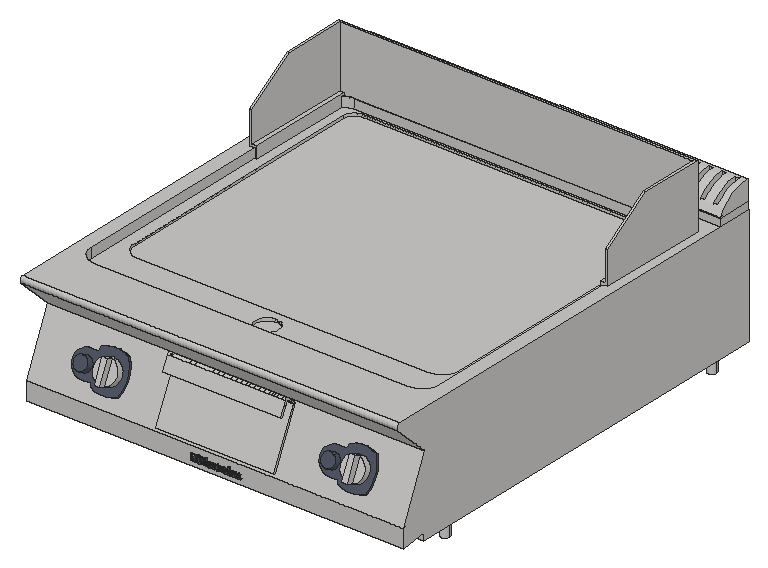
Revit family "QF_ELECTROLUXPROFESSIONAL_391401_E9IINAAOMEA", category Specialty Equipment, Revit 2018 (continued)
Automatic sketch dimensions
  Extrusion 35 sketch curve to Extrusion 35 sketch curve = 9.296 mm
  Extrusion 35 sketch curve to plane 11 = 19.089 mm
  plane 1 "BACK" to Extrusion 36 sketch curve = 6.761 mm
  Extrusion 36 sketch curve to plane 4 "RIGHT" = 134.677 mm
  Extrusion 36 sketch curve to Extrusion 36 sketch curve = 9.296 mm
  Extrusion 36 sketch curve to plane 11 = 19.089 mm
  plane 1 "BACK" to Extrusion 37 sketch curve = 6.761 mm
  Extrusion 37 sketch curve to plane 4 "RIGHT" = 162.665 mm
  Extrusion 37 sketch curve to Extrusion 37 sketch curve = 9.296 mm
  Extrusion 37 sketch curve to plane 11 = 19.089 mm
  plane 1 "BACK" to Extrusion 38 sketch curve = 6.761 mm
  Extrusion 38 sketch curve to plane 4 "RIGHT" = 190.654 mm
  Extrusion 38 sketch curve to Extrusion 38 sketch curve = 9.296 mm
  Extrusion 38 sketch curve to plane 11 = 19.089 mm
  plane 1 "BACK" to Extrusion 39 sketch curve = 6.761 mm
  plane 7 "Center Y" to Extrusion 39 sketch curve = 69.43 mm
  Extrusion 39 sketch curve to Extrusion 39 sketch curve = 9.296 mm
  Extrusion 39 sketch curve to plane 11 = 19.089 mm
  plane 1 "BACK" to Extrusion 40 sketch curve = 6.761 mm
  plane 7 "Center Y" to Extrusion 40 sketch curve = 41.441 mm
  Extrusion 40 sketch curve to Extrusion 40 sketch curve = 9.296 mm
  Extrusion 40 sketch curve to plane 11 = 19.089 mm
  plane 1 "BACK" to Extrusion 41 sketch curve = 6.761 mm
  plane 7 "Center Y" to Extrusion 41 sketch curve = 149.263 mm
  Extrusion 41 sketch curve to Extrusion 41 sketch curve = 9.296 mm
  Extrusion 41 sketch curve to plane 11 = 19.089 mm
  plane 1 "BACK" to Extrusion 42 sketch curve = 6.761 mm
  plane 7 "Center Y" to Extrusion 42 sketch curve = 121.275 mm
  Extrusion 42 sketch curve to Extrusion 42 sketch curve = 9.296 mm
  Extrusion 42 sketch curve to plane 11 = 19.089 mm
  plane 1 "BACK" to Extrusion 43 sketch curve = 6.761 mm
  plane 7 "Center Y" to Extrusion 43 sketch curve = 93.311 mm
  Extrusion 43 sketch curve to Extrusion 43 sketch curve = 9.296 mm
  Extrusion 43 sketch curve to plane 11 = 19.089 mm
  plane 1 "BACK" to Extrusion 44 sketch curve = 6.761 mm
  plane 7 "Center Y" to Extrusion 44 sketch curve = 177.251 mm
  Extrusion 44 sketch curve to Extrusion 44 sketch curve = 9.296 mm
  Extrusion 44 sketch curve to plane 11 = 19.089 mm
  Split face 1 sketch curve to Split face 1 sketch curve = 11.575 mm
  Split face 1 sketch curve to Split face 1 sketch curve = 2 mm
  Extrusion 6 sketch curve to Extrusion 6 sketch curve = 0 mm  (x2)
  Extrusion 6 sketch curve to plane 5 "FRONT" = 16.526 mm
  Extrusion 6 sketch curve to Extrusion 6 sketch curve = 2.36 mm
  Extrusion 6 sketch curve to plane 5 "FRONT" = 33.929 mm
  Extrusion 6 sketch curve to Extrusion 6 sketch curve = 2.884 mm  (x2)
  Extrusion 6 sketch curve to Extrusion 6 sketch curve = 12.662 mm
  Extrusion 6 sketch curve to Extrusion 6 sketch curve = 1.711 mm
  Extrusion 6 sketch curve to Extrusion 6 sketch curve = 1.332 mm
  Extrusion 6 sketch curve to Extrusion 6 sketch curve = 2.245 mm
  Extrusion 6 sketch curve to Extrusion 6 sketch curve = 14.843 mm
  Extrusion 6 sketch curve to Extrusion 6 sketch curve = 3.49 mm
  plane 9 "BASE" to Extrusion 6 sketch curve = 52.346 mm
  Extrusion 6 sketch curve to Extrusion 6 sketch curve = 1.086 mm
  Extrusion 6 sketch curve to Extrusion 6 sketch curve = 13.211 mm
  Extrusion 6 sketch curve to Extrusion 6 sketch curve = 1.327 mm
  Extrusion 6 sketch curve to Extrusion 6 sketch curve = 0.787 mm
  Extrusion 5 sketch curve to Extrusion 2 = 5.523 mm
  Extrusion 5 sketch curve to Extrusion 2 = 10.564 mm
  Extrusion 5 sketch curve to Extrusion 2 = 10.583 mm
  Extrusion 5 sketch curve to Extrusion 5 sketch curve = 0 mm  (x28)
  Extrusion 5 sketch curve to Extrusion 5 sketch curve = 5.108 mm  (x2)
  Extrusion 5 sketch curve to Extrusion 2 = 10.685 mm
  Extrusion 5 sketch curve to Extrusion 5 sketch curve = 0.218 mm
  Extrusion 5 sketch curve to Extrusion 5 sketch curve = 0.195 mm
  Extrusion 5 sketch curve to Extrusion 5 sketch curve = 0.249 mm
  Extrusion 5 sketch curve to Extrusion 2 = 10.88 mm
  Extrusion 5 sketch curve to Extrusion 5 sketch curve = 0.087 mm
  Extrusion 5 sketch curve to Extrusion 5 sketch curve = 0.358 mm
  Extrusion 5 sketch curve to Extrusion 5 sketch curve = 0.481 mm
  Extrusion 5 sketch curve to Extrusion 5 sketch curve = 0.597 mm
  Extrusion 5 sketch curve to Extrusion 5 sketch curve = 0.544 mm
  Extrusion 5 sketch curve to Extrusion 5 sketch curve = 0.936 mm
  Extrusion 5 sketch curve to Extrusion 5 sketch curve = 0.594 mm
  Extrusion 5 sketch curve to Extrusion 5 sketch curve = 0.343 mm
  Extrusion 5 sketch curve to Extrusion 5 sketch curve = 0.159 mm
  Extrusion 5 sketch curve to Extrusion 5 sketch curve = 0.826 mm
  Extrusion 5 sketch curve to Extrusion 5 sketch curve = 0.839 mm
  Extrusion 5 sketch curve to Extrusion 5 sketch curve = 0.852 mm
  Extrusion 5 sketch curve to Extrusion 5 sketch curve = 0.887 mm
  Extrusion 5 sketch curve to Extrusion 5 sketch curve = 0.928 mm
  Extrusion 5 sketch curve to Extrusion 5 sketch curve = 0.938 mm
  Extrusion 5 sketch curve to Extrusion 5 sketch curve = 0.444 mm
  Extrusion 5 sketch curve to Extrusion 5 sketch curve = 1.11 mm  (x3)
  Extrusion 5 sketch curve to Extrusion 5 sketch curve = 0.215 mm
  Extrusion 5 sketch curve to Extrusion 5 sketch curve = 1.43 mm
  Extrusion 5 sketch curve to Extrusion 5 sketch curve = 1.188 mm
  Extrusion 5 sketch curve to Extrusion 5 sketch curve = 1.21 mm  (x2)
  Extrusion 5 sketch curve to Extrusion 5 sketch curve = 0.503 mm
  Extrusion 5 sketch curve to Extrusion 5 sketch curve = 0.488 mm
  Extrusion 5 sketch curve to Extrusion 5 sketch curve = 0.462 mm
  Extrusion 5 sketch curve to Extrusion 5 sketch curve = 1.386 mm
  Extrusion 5 sketch curve to Extrusion 5 sketch curve = 1.742 mm  (x2)
  Extrusion 5 sketch curve to Extrusion 5 sketch curve = 0.821 mm
  Extrusion 5 sketch curve to Extrusion 5 sketch curve = 0.497 mm
  Extrusion 5 sketch curve to Extrusion 5 sketch curve = 0.539 mm
  Extrusion 5 sketch curve to Extrusion 5 sketch curve = 0.686 mm
  Extrusion 5 sketch curve to Extrusion 5 sketch curve = 0.408 mm
  Extrusion 5 sketch curve to Extrusion 5 sketch curve = 0.743 mm
  Extrusion 5 sketch curve to Extrusion 5 sketch curve = 1.16 mm
  Extrusion 5 sketch curve to Extrusion 5 sketch curve = 0.329 mm
  Extrusion 5 sketch curve to Extrusion 5 sketch curve = 1.054 mm
  Extrusion 5 sketch curve to Extrusion 5 sketch curve = 1.056 mm
  Extrusion 5 sketch curve to Extrusion 5 sketch curve = 0.129 mm
  Extrusion 5 sketch curve to Extrusion 5 sketch curve = 0.489 mm
  Extrusion 5 sketch curve to Extrusion 5 sketch curve = 0.441 mm
  Extrusion 5 sketch curve to Extrusion 5 sketch curve = 1.151 mm
  Extrusion 5 sketch curve to Extrusion 5 sketch curve = 1.141 mm  (x2)
  Extrusion 5 sketch curve to Extrusion 5 sketch curve = 0.768 mm
  Extrusion 5 sketch curve to Extrusion 5 sketch curve = 1.653 mm
  Extrusion 5 sketch curve to Extrusion 5 sketch curve = 0.499 mm
  Extrusion 5 sketch curve to Extrusion 5 sketch curve = 0.964 mm
  Extrusion 5 sketch curve to Extrusion 5 sketch curve = 0.949 mm
  Extrusion 5 sketch curve to Extrusion 5 sketch curve = 1.345 mm  (x3)
  Extrusion 5 sketch curve to Extrusion 5 sketch curve = 1.101 mm
  Extrusion 5 sketch curve to Extrusion 5 sketch curve = 0.432 mm
  Extrusion 5 sketch curve to Extrusion 5 sketch curve = 1.142 mm
  Extrusion 5 sketch curve to Extrusion 5 sketch curve = 0.959 mm
  Extrusion 5 sketch curve to Extrusion 5 sketch curve = 0.176 mm
  Extrusion 5 sketch curve to Extrusion 5 sketch curve = 0.728 mm
  Extrusion 5 sketch curve to Extrusion 5 sketch curve = 3.375 mm  (x2)
  Extrusion 5 sketch curve to Extrusion 5 sketch curve = 1.905 mm
  Extrusion 5 sketch curve to Extrusion 5 sketch curve = 0.955 mm
  Extrusion 5 sketch curve to Extrusion 5 sketch curve = 1.251 mm
  Extrusion 5 sketch curve to Extrusion 5 sketch curve = 0.572 mm
  Extrusion 5 sketch curve to Extrusion 5 sketch curve = 1.92 mm
  Extrusion 5 sketch curve to Extrusion 5 sketch curve = 1.224 mm
  Extrusion 5 sketch curve to Extrusion 5 sketch curve = 0.745 mm
  Extrusion 5 sketch curve to Extrusion 5 sketch curve = 2.537 mm
  Extrusion 5 sketch curve to Extrusion 5 sketch curve = 0.896 mm  (x3)
  Extrusion 5 sketch curve to Extrusion 5 sketch curve = 0.036 mm
  Extrusion 5 sketch curve to Extrusion 5 sketch curve = 2.607 mm
  Extrusion 5 sketch curve to Extrusion 5 sketch curve = 0.066 mm
  Extrusion 5 sketch curve to Extrusion 5 sketch curve = 0.248 mm
  Extrusion 5 sketch curve to Extrusion 5 sketch curve = 0.449 mm
  Extrusion 5 sketch curve to Extrusion 5 sketch curve = 1.052 mm
  Extrusion 5 sketch curve to Extrusion 5 sketch curve = 1.863 mm
  Extrusion 5 sketch curve to Extrusion 5 sketch curve = 1.31 mm  (x2)
  Extrusion 5 sketch curve to Extrusion 5 sketch curve = 0.901 mm
  Extrusion 5 sketch curve to Extrusion 5 sketch curve = 1.107 mm
  Extrusion 5 sketch curve to Extrusion 5 sketch curve = 2.122 mm
  Extrusion 5 sketch curve to Extrusion 5 sketch curve = 2.101 mm
  Extrusion 5 sketch curve to Extrusion 5 sketch curve = 0.106 mm
  Extrusion 5 sketch curve to Extrusion 5 sketch curve = 0.029 mm
  Extrusion 5 sketch curve to Extrusion 5 sketch curve = 2.09 mm
  Extrusion 5 sketch curve to Extrusion 5 sketch curve = 1.279 mm
  Extrusion 5 sketch curve to Extrusion 5 sketch curve = 2.008 mm
  Extrusion 5 sketch curve to Extrusion 5 sketch curve = 0.738 mm
  Extrusion 5 sketch curve to Extrusion 5 sketch curve = 0.382 mm
  Extrusion 5 sketch curve to Extrusion 5 sketch curve = 0.384 mm
  Extrusion 5 sketch curve to Extrusion 5 sketch curve = 0.002 mm
  Extrusion 5 sketch curve to Extrusion 5 sketch curve = 0.561 mm
  Extrusion 5 sketch curve to Extrusion 5 sketch curve = 0.592 mm
  Extrusion 5 sketch curve to Extrusion 5 sketch curve = 2.692 mm
  Extrusion 5 sketch curve to Extrusion 5 sketch curve = 1.259 mm
  Extrusion 5 sketch curve to Extrusion 5 sketch curve = 0.802 mm
  Extrusion 5 sketch curve to Extrusion 5 sketch curve = 1.024 mm  (x2)
  Extrusion 5 sketch curve to Extrusion 5 sketch curve = 0.682 mm
  Extrusion 5 sketch curve to Extrusion 5 sketch curve = 5.934 mm
  Extrusion 5 sketch curve to Extrusion 5 sketch curve = 2.186 mm
  Extrusion 5 sketch curve to Extrusion 5 sketch curve = 0.337 mm
  Extrusion 5 sketch curve to Extrusion 5 sketch curve = 0.021 mm
  Extrusion 5 sketch curve to Extrusion 5 sketch curve = 1.005 mm
  Extrusion 5 sketch curve to Extrusion 5 sketch curve = 0.552 mm
  Extrusion 5 sketch curve to Extrusion 5 sketch curve = 0.778 mm
  Extrusion 5 sketch curve to Extrusion 5 sketch curve = 0.063 mm
  Extrusion 5 sketch curve to Extrusion 5 sketch curve = 1.023 mm
  Extrusion 5 sketch curve to Extrusion 5 sketch curve = 3.804 mm
  Extrusion 5 sketch curve to Extrusion 5 sketch curve = 0.486 mm
  Extrusion 5 sketch curve to Extrusion 5 sketch curve = 0.266 mm
  Extrusion 5 sketch curve to Extrusion 5 sketch curve = 1.547 mm
  Extrusion 5 sketch curve to Extrusion 5 sketch curve = 0.717 mm  (x2)
  Extrusion 5 sketch curve to Extrusion 5 sketch curve = 1.667 mm
  Extrusion 5 sketch curve to Extrusion 5 sketch curve = 3.174 mm
  Extrusion 5 sketch curve to Extrusion 5 sketch curve = 0.388 mm
  Extrusion 5 sketch curve to Extrusion 5 sketch curve = 1.342 mm
  Extrusion 5 sketch curve to Extrusion 5 sketch curve = 1.521 mm
  Extrusion 5 sketch curve to Extrusion 5 sketch curve = 0.124 mm
  Extrusion 5 sketch curve to Extrusion 5 sketch curve = 0.291 mm
  Extrusion 5 sketch curve to Extrusion 5 sketch curve = 1.049 mm  (x2)
  Extrusion 5 sketch curve to Extrusion 5 sketch curve = 1.7 mm
  Extrusion 5 sketch curve to Extrusion 5 sketch curve = 0.894 mm
  Extrusion 5 sketch curve to Extrusion 5 sketch curve = 0.989 mm
  Extrusion 5 sketch curve to Extrusion 5 sketch curve = 1.168 mm
  Extrusion 5 sketch curve to Extrusion 5 sketch curve = 1.594 mm
  Extrusion 5 sketch curve to Extrusion 5 sketch curve = 0.731 mm
  Extrusion 5 sketch curve to Extrusion 5 sketch curve = 1.566 mm
  Extrusion 5 sketch curve to Extrusion 5 sketch curve = 0.064 mm
  Extrusion 5 sketch curve to Extrusion 5 sketch curve = 0.556 mm  (x2)
  Extrusion 5 sketch curve to Extrusion 5 sketch curve = 0.48 mm
  Extrusion 5 sketch curve to Extrusion 5 sketch curve = 1.018 mm
  Extrusion 5 sketch curve to Extrusion 5 sketch curve = 0.787 mm
  Extrusion 5 sketch curve to Extrusion 5 sketch curve = 0.618 mm
  Extrusion 5 sketch curve to Extrusion 5 sketch curve = 1.672 mm
  Extrusion 5 sketch curve to Extrusion 5 sketch curve = 1.361 mm
  Extrusion 5 sketch curve to Extrusion 5 sketch curve = 0.822 mm
  Extrusion 5 sketch curve to Extrusion 5 sketch curve = 0.069 mm
  Extrusion 5 sketch curve to Extrusion 5 sketch curve = 1.88 mm
  Extrusion 5 sketch curve to Extrusion 5 sketch curve = 0.42 mm
  Extrusion 5 sketch curve to Extrusion 5 sketch curve = 0.062 mm
  Extrusion 5 sketch curve to Extrusion 5 sketch curve = 1.355 mm
  Extrusion 5 sketch curve to Extrusion 5 sketch curve = 2.34 mm
  Extrusion 5 sketch curve to Extrusion 5 sketch curve = 0.493 mm
  Extrusion 5 sketch curve to Extrusion 5 sketch curve = 0.136 mm
  Extrusion 5 sketch curve to Extrusion 5 sketch curve = 0.128 mm
  Extrusion 5 sketch curve to Extrusion 5 sketch curve = 3.616 mm
  Extrusion 5 sketch curve to Extrusion 5 sketch curve = 4.207 mm
  Extrusion 5 sketch curve to Extrusion 5 sketch curve = 0.183 mm
  Extrusion 5 sketch curve to Extrusion 5 sketch curve = 0.895 mm
  Extrusion 5 sketch curve to Extrusion 5 sketch curve = 1.314 mm
  Extrusion 5 sketch curve to Extrusion 5 sketch curve = 3.231 mm
  Extrusion 5 sketch curve to Extrusion 5 sketch curve = 1.299 mm
  Extrusion 5 sketch curve to Extrusion 5 sketch curve = 1.214 mm
  Extrusion 5 sketch curve to Extrusion 5 sketch curve = 1.264 mm
  Extrusion 5 sketch curve to Extrusion 5 sketch curve = 0.109 mm
  Extrusion 5 sketch curve to Extrusion 5 sketch curve = 0.357 mm
  Extrusion 5 sketch curve to Extrusion 5 sketch curve = 0.565 mm
  Extrusion 5 sketch curve to Extrusion 5 sketch curve = 2.504 mm
  Extrusion 5 sketch curve to Extrusion 5 sketch curve = 2.459 mm
  Extrusion 2 to Extrusion 5 sketch curve = 344.257 mm
  Extrusion 5 sketch curve to Extrusion 5 sketch curve = 0.208 mm
  Extrusion 5 sketch curve to Extrusion 5 sketch curve = 0.468 mm  (x2)
  Extrusion 5 sketch curve to Extrusion 5 sketch curve = 1.559 mm
  Extrusion 5 sketch curve to Extrusion 5 sketch curve = 0.422 mm  (x2)
  Extrusion 5 sketch curve to Extrusion 5 sketch curve = 0.494 mm
  Extrusion 5 sketch curve to Extrusion 5 sketch curve = 3.927 mm
  Extrusion 5 sketch curve to Extrusion 5 sketch curve = 0.782 mm
  Extrusion 5 sketch curve to Extrusion 5 sketch curve = 1.268 mm
  Extrusion 5 sketch curve to Extrusion 5 sketch curve = 0.671 mm
  Extrusion 5 sketch curve to Extrusion 5 sketch curve = 0.777 mm
  Extrusion 5 sketch curve to Extrusion 5 sketch curve = 0.704 mm
  Extrusion 5 sketch curve to Extrusion 5 sketch curve = 0.781 mm  (x2)
  Extrusion 5 sketch curve to Extrusion 5 sketch curve = 1.634 mm
  Extrusion 5 sketch curve to Extrusion 5 sketch curve = 0.132 mm
  Extrusion 5 sketch curve to Extrusion 5 sketch curve = 3.136 mm
  Extrusion 5 sketch curve to Extrusion 5 sketch curve = 2.422 mm
  Extrusion 5 sketch curve to Extrusion 5 sketch curve = 0.586 mm
  Extrusion 5 sketch curve to Extrusion 5 sketch curve = 2.046 mm  (x2)
  Extrusion 5 sketch curve to Extrusion 5 sketch curve = 1.241 mm
  Extrusion 5 sketch curve to Extrusion 5 sketch curve = 1.689 mm
  Extrusion 5 sketch curve to Extrusion 5 sketch curve = 2.859 mm
  Extrusion 5 sketch curve to Extrusion 5 sketch curve = 0.627 mm
  Extrusion 5 sketch curve to Extrusion 5 sketch curve = 0.863 mm
  Extrusion 5 sketch curve to Extrusion 5 sketch curve = 0.419 mm
  Extrusion 5 sketch curve to Extrusion 5 sketch curve = 1.514 mm
  Extrusion 5 sketch curve to Extrusion 5 sketch curve = 1.019 mm
  Extrusion 5 sketch curve to Extrusion 5 sketch curve = 0.065 mm
  Extrusion 5 sketch curve to Extrusion 5 sketch curve = 1.215 mm
  Extrusion 5 sketch curve to Extrusion 5 sketch curve = 2.708 mm
  Extrusion 5 sketch curve to Extrusion 5 sketch curve = 1.122 mm
  Extrusion 5 sketch curve to Extrusion 5 sketch curve = 1.153 mm
  Extrusion 5 sketch curve to Extrusion 5 sketch curve = 3.009 mm
  Extrusion 5 sketch curve to Extrusion 5 sketch curve = 0.829 mm  (x2)
  Extrusion 5 sketch curve to Extrusion 5 sketch curve = 0.934 mm
  Extrusion 5 sketch curve to Extrusion 5 sketch curve = 3.376 mm
  Extrusion 5 sketch curve to Extrusion 5 sketch curve = 0.222 mm
  Extrusion 5 sketch curve to Extrusion 5 sketch curve = 1.383 mm
  Extrusion 5 sketch curve to Extrusion 5 sketch curve = 1.556 mm
  Extrusion 5 sketch curve to Extrusion 5 sketch curve = 2.559 mm
  Extrusion 5 sketch curve to Extrusion 5 sketch curve = 2.51 mm
  Extrusion 5 sketch curve to Extrusion 5 sketch curve = 0.131 mm
  Extrusion 5 sketch curve to Extrusion 5 sketch curve = 1.717 mm
  Extrusion 5 sketch curve to Extrusion 5 sketch curve = 1.134 mm
  Extrusion 5 sketch curve to Extrusion 5 sketch curve = 0.366 mm
  Extrusion 5 sketch curve to Extrusion 5 sketch curve = 0.094 mm
  Extrusion 5 sketch curve to Extrusion 5 sketch curve = 1.584 mm
  Extrusion 5 sketch curve to Extrusion 5 sketch curve = 1.501 mm
  Extrusion 5 sketch curve to Extrusion 5 sketch curve = 0.27 mm
  Extrusion 5 sketch curve to Extrusion 5 sketch curve = 1.808 mm
  Extrusion 5 sketch curve to Extrusion 5 sketch curve = 0.643 mm
  Extrusion 5 sketch curve to Extrusion 5 sketch curve = 0.916 mm
  Extrusion 5 sketch curve to Extrusion 5 sketch curve = 0.352 mm
  Extrusion 5 sketch curve to Extrusion 5 sketch curve = 0.458 mm
  Extrusion 5 sketch curve to Extrusion 5 sketch curve = 1.282 mm
  Extrusion 5 sketch curve to Extrusion 5 sketch curve = 1.363 mm
  Extrusion 5 sketch curve to Extrusion 5 sketch curve = 0.685 mm
  Extrusion 5 sketch curve to Extrusion 5 sketch curve = 0.905 mm
  Extrusion 5 sketch curve to Extrusion 5 sketch curve = 2.865 mm
  Extrusion 5 sketch curve to Extrusion 5 sketch curve = 0.472 mm
  Extrusion 5 sketch curve to Extrusion 5 sketch curve = 0.101 mm
  Extrusion 5 sketch curve to Extrusion 5 sketch curve = 0.54 mm
  Extrusion 5 sketch curve to Extrusion 5 sketch curve = 0.02 mm
  Extrusion 5 sketch curve to Extrusion 5 sketch curve = 0.582 mm
  Extrusion 5 sketch curve to Extrusion 5 sketch curve = 0.166 mm
  Extrusion 5 sketch curve to Extrusion 5 sketch curve = 0.16 mm
  Extrusion 5 sketch curve to Extrusion 5 sketch curve = 2.781 mm
  Extrusion 5 sketch curve to Extrusion 5 sketch curve = 1.118 mm
  Extrusion 5 sketch curve to Extrusion 5 sketch curve = 0.613 mm
  Extrusion 5 sketch curve to Extrusion 5 sketch curve = 0.361 mm
  Extrusion 5 sketch curve to Extrusion 5 sketch curve = 0.897 mm
  Extrusion 5 sketch curve to Extrusion 5 sketch curve = 0.167 mm
  Extrusion 5 sketch curve to Extrusion 5 sketch curve = 0.292 mm
  Extrusion 5 sketch curve to Extrusion 5 sketch curve = 0.305 mm
  Extrusion 5 sketch curve to Extrusion 5 sketch curve = 1.557 mm
  Extrusion 5 sketch curve to Extrusion 5 sketch curve = 2.499 mm
  Extrusion 5 sketch curve to Extrusion 5 sketch curve = 3.062 mm
  Extrusion 5 sketch curve to Extrusion 5 sketch curve = 2.968 mm
  Extrusion 5 sketch curve to Extrusion 5 sketch curve = 5.044 mm
  Extrusion 5 sketch curve to Extrusion 5 sketch curve = 0.629 mm  (x2)
  Extrusion 5 sketch curve to Extrusion 5 sketch curve = 1.131 mm
  Extrusion 5 sketch curve to Extrusion 5 sketch curve = 0.137 mm
  Extrusion 5 sketch curve to Extrusion 5 sketch curve = 0.027 mm
  Extrusion 5 sketch curve to Extrusion 5 sketch curve = 2.235 mm
  Extrusion 6 sketch curve to Extrusion 6 sketch curve = 1 mm
  Extrusion 26 sketch curve to plane 6 "TOP" = 0 mm
  Extrusion 26 sketch curve to plane 16 = 0 mm
  Extrusion 26 sketch curve to plane 16 = 100.091 mm
  Extrusion 27 sketch curve to plane 6 "TOP" = 0 mm
  Extrusion 27 sketch curve to plane 16 = 0 mm
  Extrusion 27 sketch curve to plane 6 "TOP" = 65 mm
  Extrusion 27 sketch curve to plane 16 = 100.091 mm
  Extrusion 28 sketch curve to plane 6 "TOP" = 0 mm
  Extrusion 28 sketch curve to plane 14 = 0 mm
  Extrusion 28 sketch curve to plane 4 "RIGHT" = 20 mm
  plane 3 "LEFT" to Extrusion 28 sketch curve = 20 mm
  Extrusion 49 sketch curve to Extrusion 2 = 0 mm  (x2)
  Extrusion 2 to Extrusion 49 sketch curve = 5 mm  (x2)
  Extrusion 2 to Extrusion 49 sketch curve = 20 mm  (x2)
  Extrusion 49 sketch curve to Extrusion 49 sketch curve = 130 mm  (x2)
  Extrusion 49 sketch curve to Extrusion 2 = 19.6 mm  (x2)
  Extrusion 49 sketch curve to Extrusion 49 sketch curve = 5 mm  (x5)
  Extrusion 49 sketch curve to Extrusion 49 sketch curve = 15 mm
  Extrusion 45 sketch curve to Extrusion 45 sketch curve = 0 mm  (x10)
  Extrusion 45 sketch curve to plane 4 "RIGHT" = 157.362 mm
  plane 3 "LEFT" to Extrusion 45 sketch curve = 117.638 mm
  Extrusion 45 sketch curve to Extrusion 45 sketch curve = 55.325 mm  (x3)
  Extrusion 45 sketch curve to Extrusion 45 sketch curve = 6.176 mm  (x2)
  Extrusion 45 sketch curve to Extrusion 45 sketch curve = 0.9 mm  (x2)
  Extrusion 45 sketch curve to Extrusion 45 sketch curve = 12.3 mm  (x4)
  Extrusion 45 sketch curve to Extrusion 45 sketch curve = 26.552 mm  (x2)
  Extrusion 45 sketch curve to Extrusion 45 sketch curve = 34.925 mm  (x2)
  Extrusion 45 sketch curve to Extrusion 45 sketch curve = 1.296 mm  (x2)
  Extrusion 45 sketch curve to Extrusion 45 sketch curve = 23.703 mm  (x2)
  Extrusion 45 sketch curve to Extrusion 45 sketch curve = 27.065 mm  (x2)
  Extrusion 45 sketch curve to Extrusion 45 sketch curve = 0.893 mm  (x2)
  Extrusion 45 sketch curve to Extrusion 45 sketch curve = 8.853 mm  (x2)
  Extrusion 45 sketch curve to Extrusion 45 sketch curve = 9.34 mm  (x2)
  Extrusion 45 sketch curve to Extrusion 45 sketch curve = 5.546 mm
  Extrusion 45 sketch curve to Extrusion 45 sketch curve = 1.434 mm
  Extrusion 45 sketch curve to Extrusion 45 sketch curve = 2.327 mm
  Extrusion 45 sketch curve to Extrusion 45 sketch curve = 29.032 mm
  Extrusion 45 sketch curve to Extrusion 45 sketch curve = 93.311 mm
  Extrusion 45 sketch curve to Extrusion 45 sketch curve = 25.114 mm
  Extrusion 45 sketch curve to Extrusion 45 sketch curve = 25.727 mm
  Extrusion 45 sketch curve to Extrusion 45 sketch curve = 28.496 mm
  Extrusion 48 sketch curve to Extrusion 48 sketch curve = 0 mm
  Extrusion 48 sketch curve to Extrusion 48 sketch curve = 525 mm
  Extrusion 46 sketch curve to Extrusion 46 sketch curve = 0 mm
  Extrusion 46 sketch curve to Extrusion 46 sketch curve = 525 mm
  Extrusion 47 sketch curve to Extrusion 47 sketch curve = 24.732 mm  (x2)
  Extrusion 47 sketch curve to Extrusion 47 sketch curve = 0 mm  (x2)
  Split face 2 sketch curve to Split face 2 sketch curve = 11.575 mm
  Split face 2 sketch curve to Split face 2 sketch curve = 2 mm
  plane 10 to Extrusion 4 sketch curve = 0 mm  (x2)
  plane 11 to Extrusion 4 sketch curve = 0 mm
  plane 3 "LEFT" to Extrusion 4 sketch curve = 11.112 mm  (x2)
  Extrusion 4 sketch curve to plane 4 "RIGHT" = 11.113 mm  (x2)
  Extrusion 29 sketch curve to Extrusion 29 sketch curve = 15 mm
  Extrusion 25 sketch curve to Extrusion 3 = 5.362 mm
  Extrusion 25 sketch curve to Extrusion 3 = 30.762 mm  (x2)
  Extrusion 25 sketch curve to Extrusion 3 = 25 mm  (x2)
  Extrusion 25 sketch curve to Extrusion 3 = 122.523 mm  (x2)
  Extrusion 25 sketch curve to Extrusion 25 sketch curve = 37.523 mm
  Extrusion 25 sketch curve to Extrusion 3 = 43.885 mm
  Extrusion 25 sketch curve to Extrusion 25 sketch curve = 307.477 mm
  curve 149 to curve 150 = 0 mm  (x2)
  curve 150 to plane 7 "Center Y" = 0 mm
  curve 149 to plane 10 = 40 mm
  curve 150 to plane 10 = 15 mm
  radius of Extrusion 8 sketch curve = 6.4 mm
  radius of Extrusion 48 sketch curve = 15 mm  (x2)
  radius of Extrusion 46 sketch curve = 25.4 mm  (x2)
  radius of Extrusion 47 sketch curve to Extrusion 46 = 0 mm  (x4)
  radius of Extrusion 4 sketch curve = 9.525 mm  (x4)
  radius of Extrusion 25 sketch curve = 25 mm
Connectors
  piping at (748, -664, 6), diameter 12.8
    settings: on Extrusion 8, index 2, connector inside diameter 0.50394", connector length 0 mm, flow factor 0, pipe flow 0 GPM, pressure drop 0.00 psi, fitting loss kfactor 0, connector angle 0.00°, fixture units 0, engagement length 0 mm, angle of deflection 0.00°, flow configuration 1, flow direction 1, fitting loss method 0, system type 7, joint type 0, gender type 0, connector reference index -1, connector utility 0, adjustable connector no, is connector primary yes, connector description "GAS CONNECTION"
